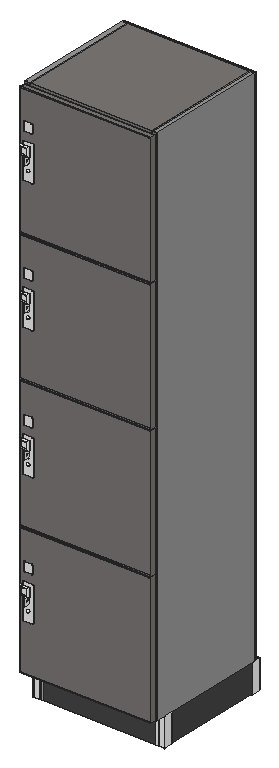
Revit family "Wood_Lockers_Hasps-Salsbury_Industries-18_44000_Series-1_Wide_Units.rfa", category Specialty Equipment, Revit 2016 (continued)
Definition of nested family "Wood Locker Side Panels-No Slope"
  Dimensions and locks (in)
    plane 5 "Front" to plane 1 "Center (Front/Back)" to plane 4 "Back" = 0.375", 0.375"
    "Width": plane 6 "Left Side" to plane 7 "Right Side"
    "Depth": plane 5 "Front" to plane 4 "Back"
    equal spacing: plane 9 "Top", plane 10 "Center Elevation", plane 8 "Bottom"
    "Height": plane 9 "Top" to plane 8 "Bottom"
    locked: plane 5 "Front" to plane 11 "Wood - Laminate Edge" at 0.031
    locked: plane 15 "Bottom of Wood" to plane 8 "Bottom" at 0.031
    locked: plane 12 "Right Side of Wood" to plane 7 "Right Side" at 0.031
    locked: plane 6 "Left Side" to plane 13 "Left Side of Wood" at 0.031
    locked: plane 9 "Top" to plane 14 "Top of Wood" at 0.031
    aligned and locked: level to plane 2
    aligned and locked: Extrusion 2 sketch curve to plane 7 "Right Side"
    aligned and locked: plane 8 "Bottom" to Extrusion 2 sketch curve
    aligned and locked: plane 6 "Left Side" to Extrusion 2 sketch curve
    aligned and locked: plane 9 "Top" to Extrusion 2 sketch curve
    aligned and locked: Extrusion 3 to plane 4 "Back"
    aligned and locked: plane 11 "Wood - Laminate Edge" to Extrusion 3
  Automatic sketch dimensions
    plane 13 "Left Side of Wood" to Extrusion 1 sketch curve = 0.000"
    plane 12 "Right Side of Wood" to Extrusion 1 sketch curve = 0.000"
    Extrusion 1 sketch curve to plane 15 "Bottom of Wood" = 0.000"
    Extrusion 1 sketch curve to plane 14 "Top of Wood" = 0.000"
    plane 13 "Left Side of Wood" to Extrusion 3 sketch curve = 0.000"
    Extrusion 3 sketch curve to level = 0.000"
    plane 13 "Left Side of Wood" to Extrusion 3 sketch curve = 0.031"
    plane 12 "Right Side of Wood" to Extrusion 3 sketch curve = 0.000"
    plane 7 "Right Side" to Extrusion 3 sketch curve = 0.000"
    Extrusion 3 sketch curve to plane 15 "Bottom of Wood" = 0.000"
    Extrusion 3 sketch curve to plane 14 "Top of Wood" = 0.000"
    Extrusion 3 sketch curve to plane 9 "Top" = 0.000"
Definition of nested family "Wood Locker Side Panels-With Slope"
  Parameters (values of type "44238 - 6' H for 24" D Lockers")
    Width = 23.625"
    Visible = yes
    Version = "1.0 (12/15/23)"
    Type Comments = "Side Panel for Premier Wood Lockers with Sloping Hood"
    Slope Height = 8.608"
    Model = "44238"
    Manufacturer = "Salsbury Industries"
    Laminate Surface = none
    Height = 72.153"
    Door Trim = none
    Description = "6' H for 24\" D Lockers"
    Depth = 0.750"
  Types (6): name | Width | Visible | Version | Type Comments | Slope Height | Model | Manufacturer | Height | Description
    (no name) | 23.625" | yes | "1.0 (12/15/23)" | "Side Panel for Premier Wood Lockers with Sloping Hood" | 8.608" | "44238" | "Salsbury Industries" | 72.153" | "6' H for 24\" D Lockers"
    44334 - 6' H  for 18" D Lockers | 17.625" | yes | "1.0 (12/15/23)" | "Side Panel for Premier Wood Lockers with Sloping Hood" | 6.806" | "44334" | "Salsbury Industries" | 72.062" | "6' H for 18\" D Lockers"
    44336 - 6' H for 21" D Lockers | 20.625" | yes | "1.0 (12/15/23)" | "Side Panel for Premier Wood Lockers with Sloping Hood" | 7.931" | "44336" | "Salsbury Industries" | 72.062" | "6' H for 21\" D Lockers"
    None | 14.625" | no | "" | "" | 5.681" | "" | "" | 72.062" | ""
    44339 - 6' H for 15" D Lockers | 14.625" | yes | "1.0 (12/15/23)" | "Side Panel for Premier Wood Lockers with Sloping Hood" | 5.681" | "44339" | "Salsbury Industries" | 72.062" | "6' H for 15\" D Lockers"
    44238 - 6' H for 24" D Lockers | 23.625" | yes | "1.0 (12/15/23)" | "Side Panel for Premier Wood Lockers with Sloping Hood" | 8.608" | "44238" | "Salsbury Industries" | 72.153" | "6' H for 24\" D Lockers"
  Reference planes (in)
    plane 1 "Center (Front/Back)": y = 0
    plane 2: z = 0
    plane 3 "Center (Left/Right)": x = 0
    plane 4 "Back": y = 0.375
    plane 5 "Front": y = -0.375
    plane 6 "Left Side": x = -11.8125
    plane 7 "Right Side": x = 11.8125
    plane 8 "Bottom": z = 0
    plane 9 "Top": z = 72.153
    plane 10 "Center Elevation": z = 36.0765
    plane 11 "Wood - Laminate Edge": y = -0.344
    plane 12 "Right Side of Wood": x = 11.7815
    plane 13 "Left Side of Wood": x = -11.7815
    plane 14 "Top of Wood": z = 72.028
    plane 15 "Bottom of Wood": z = 0.031
    plane 16: z = 80.761
    plane 17: z = 80.636
  Forms (in)
    Extrusion 1, solid, visible <- "Visible"
      sketch origin (0, 0.375, 0) x (1, 0, 0) y (0, 0, 1)
        loop
          line (-11.8125, 80.73) -> (-11.8125, 0) -> (11.7815, 0) -> (11.7815, 72.13387) -> (-11.8125, 80.73)
      from 0 to 0.719
    Extrusion 2, solid, material <- "Laminate Surface", visible <- "Visible"
      sketch origin (0, -0.375, 0) x (1, 0, 0) y (0, 0, 1)
        loop
          line (-11.8125, 0) -> (11.8125, 0) -> (11.8125, 72.153) -> (-11.8125, 80.761) -> (-11.8125, 0)
      from -0.031 to 0
    Extrusion 3, solid, material <- "Laminate Surface", visible <- "Visible"
      sketch origin (0, -0.375, 0) x (1, 0, 0) y (0, 0, 1)
        loop
          line (11.8125, 0) -> (11.8125, 72.153) -> (-11.8125, 80.761) -> (-11.8125, 80.73) -> (11.7815, 72.13387) -> (11.7815, 0) -> (11.8125, 0)
      from -0.031 to -0.75
  Dimensions and locks (in)
    equal spacing: plane 6 "Left Side", plane 3 "Center (Left/Right)", plane 7 "Right Side"
    plane 5 "Front" to plane 1 "Center (Front/Back)" to plane 4 "Back" = 0.375", 0.375"
    "Width": plane 6 "Left Side" to plane 7 "Right Side"
    "Depth": plane 5 "Front" to plane 4 "Back"
    equal spacing: plane 9 "Top", plane 10 "Center Elevation", plane 8 "Bottom"
    "Height": plane 9 "Top" to plane 8 "Bottom"
    locked: plane 5 "Front" to plane 11 "Wood - Laminate Edge" at 0.031
    locked: plane 15 "Bottom of Wood" to plane 8 "Bottom" at 0.031
    locked: plane 12 "Right Side of Wood" to plane 7 "Right Side" at 0.031
    locked: plane 6 "Left Side" to plane 13 "Left Side of Wood" at 0.031
    locked: plane 9 "Top" to plane 14 "Top of Wood" at 0.125
    "Slope Height": plane 16 to plane 9 "Top"
    locked: plane 16 to plane 17 at 0.125
    aligned and locked: level to plane 2
    aligned and locked: Extrusion 3 to plane 4 "Back"
    aligned and locked: plane 11 "Wood - Laminate Edge" to Extrusion 3
  Automatic sketch dimensions
    plane 6 "Left Side" to Extrusion 2 sketch curve = 0.000"
    plane 7 "Right Side" to Extrusion 2 sketch curve = 0.000"
    Extrusion 2 sketch curve to level = 0.000"
    Extrusion 2 sketch curve to plane 9 "Top" = 0.000"
    Extrusion 2 sketch curve to plane 16 = 0.000"
    Extrusion 1 sketch curve to level = 0.000"
    plane 6 "Left Side" to Extrusion 1 sketch curve = 0.000"
    plane 12 "Right Side of Wood" to Extrusion 1 sketch curve = 0.000"
    plane 9 "Top" to Extrusion 1 sketch curve = 0.01913"
    plane 6 "Left Side" to Extrusion 3 sketch curve = 0.000"
    plane 12 "Right Side of Wood" to Extrusion 3 sketch curve = 0.000"
    plane 7 "Right Side" to Extrusion 3 sketch curve = 0.000"
    Extrusion 3 sketch curve to level = 0.000"
    Extrusion 3 sketch curve to plane 9 "Top" = 0.000"
    Extrusion 3 sketch curve to plane 16 = 0.000"
    plane 9 "Top" to Extrusion 3 sketch curve = 0.01913"
    plane 16 to Extrusion 3 sketch curve = 0.031"
    plane 16 to Extrusion 1 sketch curve = 0.031"
Definition of nested family "Wood Locker Double Side Panels-No Slope"
  Parameters (values of type "44237DE - 6' H for 24"D Lockers")
    Width = 47.250"
    Visible = yes
    Version = "1.0 (12/15/23)"
    Type Comments = "Double End Panel for Premier Wood Lockers"
    Model = "44237DE"
    Manufacturer = "Salsbury Industries"
    Laminate Surface = none
    Height = 72.000"
    Door Trim = none
    Description = "For 6' H x 21\" D without Sloping Hood"
    Depth = 0.750"
  Types (6): name | Width | Visible | Version | Type Comments | Model | Manufacturer | Description
    (no name) | 47.250" | yes | "1.0 (12/15/23)" | "Double End Panel for Premier Wood Lockers" | "44237DE" | "Salsbury Industries" | "For 6' H x 21\" D without Sloping Hood"
    44330DE - 6' H for 15"D Lockers | 29.250" | yes | "1.0 (12/15/23)" | "Double End Panel for Premier Wood Lockers" | "44330DE" | "Salsbury Industries" | "For 6' H x 15\" D without Sloping Hood"
    44333DE - 6' H for 18" D Lockers | 35.250" | yes | "1.0 (12/15/23)" | "Double End Panel for Premier Wood Lockers" | "44333DE" | "Salsbury Industries" | "For 6' H x 18\" D without Sloping Hood"
    44335DE - 6' H for 21" D Lockers | 41.250" | yes | "1.0 (12/15/23)" | "Double End Panel for Premier Wood Lockers" | "44335DE" | "Salsbury Industries" | "For 6' H x 21\" D without Sloping Hood"
    None | 14.000" | no | "" | "" | "" | "" | ""
    44237DE - 6' H for 24"D Lockers | 47.250" | yes | "1.0 (12/15/23)" | "Double End Panel for Premier Wood Lockers" | "44237DE" | "Salsbury Industries" | "For 6' H x 21\" D without Sloping Hood"
  Reference planes (in)
    plane 1 "Center (Front/Back)": y = 0
    plane 2: z = 0
    plane 3 "Center (Left/Right)": x = 0
    plane 4 "Back": y = 0.375
    plane 5 "Front": y = -0.375
    plane 6 "Left Side": x = -23.625
    plane 7 "Right Side": x = 23.625
    plane 8 "Bottom": z = 0
    plane 9 "Top": z = 72
    plane 10 "Center Elevation": z = 36
    plane 11 "Wood - Laminate Edge": y = -0.344
    plane 12 "Right Side of Wood": x = 23.594
    plane 13 "Left Side of Wood": x = -23.594
    plane 14 "Top of Wood": z = 71.969
    plane 15 "Bottom of Wood": z = 0.031
  Forms (in)
    Extrusion 1, solid, visible <- "Visible"
      sketch origin (0, 0.375, 0) x (1, 0, 0) y (0, 0, 1)
        loop
          line (23.594, 71.969) -> (-23.594, 71.969) -> (-23.594, 0.031) -> (23.594, 0.031) -> (23.594, 71.969)
      from 0 to 0.719
    Extrusion 2, solid, material <- "Laminate Surface", visible <- "Visible"
      sketch origin (0, -0.375, 0) x (1, 0, 0) y (0, 0, 1)
        loop
          line (-23.625, 72) -> (-23.625, 0) -> (23.625, 0) -> (23.625, 72) -> (-23.625, 72)
      from -0.031 to 0
    Extrusion 3, solid, material <- "Laminate Surface", visible <- "Visible"
      sketch origin (0, 0, 0) x (1, 0, 0) y (0, 0, 1)
        loop
          line (-23.625, 0) -> (23.625, 0) -> (23.625, 72) -> (-23.625, 72) -> (-23.625, 0)
        loop
          line (23.594, 71.969) -> (-23.594, 71.969) -> (-23.594, 0.031) -> (23.594, 0.031) -> (23.594, 71.969)
      from -0.375 to 0.344
  Dimensions and locks (in)
    equal spacing: plane 6 "Left Side", plane 3 "Center (Left/Right)", plane 7 "Right Side"
    plane 5 "Front" to plane 1 "Center (Front/Back)" to plane 4 "Back" = 0.375", 0.375"
    "Width": plane 6 "Left Side" to plane 7 "Right Side"
    "Depth": plane 5 "Front" to plane 4 "Back"
    equal spacing: plane 9 "Top", plane 10 "Center Elevation", plane 8 "Bottom"
    "Height": plane 9 "Top" to plane 8 "Bottom"
    locked: plane 5 "Front" to plane 11 "Wood - Laminate Edge" at 0.031
    locked: plane 15 "Bottom of Wood" to plane 8 "Bottom" at 0.031
    plane 12 "Right Side of Wood" to plane 7 "Right Side" = 0.031"
    locked: plane 6 "Left Side" to plane 13 "Left Side of Wood" at 0.031
    locked: plane 9 "Top" to plane 14 "Top of Wood" at 0.031
    aligned and locked: level to plane 2
    aligned and locked: Extrusion 2 sketch curve to plane 8 "Bottom"
    aligned and locked: plane 6 "Left Side" to Extrusion 2 sketch curve
    aligned and locked: Extrusion 2 sketch curve to plane 7 "Right Side"
    aligned and locked: Extrusion 2 sketch curve to plane 9 "Top"
    aligned and locked: Extrusion 3 to plane 4 "Back"
    aligned and locked: plane 11 "Wood - Laminate Edge" to Extrusion 3
  Automatic sketch dimensions
    plane 13 "Left Side of Wood" to Extrusion 1 sketch curve = 0.000"
    plane 12 "Right Side of Wood" to Extrusion 1 sketch curve = 0.000"
    Extrusion 1 sketch curve to plane 15 "Bottom of Wood" = 0.000"
    Extrusion 1 sketch curve to plane 14 "Top of Wood" = 0.000"
    Extrusion 3 sketch curve to level = 0.000"
    plane 6 "Left Side" to Extrusion 3 sketch curve = 0.000"
    plane 7 "Right Side" to Extrusion 3 sketch curve = 0.000"
    Extrusion 3 sketch curve to plane 9 "Top" = 0.000"
    plane 13 "Left Side of Wood" to Extrusion 3 sketch curve = 0.000"
    Extrusion 3 sketch curve to plane 15 "Bottom of Wood" = 0.000"
    Extrusion 3 sketch curve to plane 14 "Top of Wood" = 0.000"
    plane 12 "Right Side of Wood" to Extrusion 3 sketch curve = 0.000"
Definition of nested family "Wood Locker Double Side Panels-With Slope"
  Parameters (values of type "44238DE - 6' H for 24"D Lockers")
    Width = 47.250"
    Visible = yes
    Version = "1.0 (12/15/23)"
    Type Comments = "Double End Panel for Premier Wood Lockers"
    Slope Height = 8.895"
    Model = "442386DE"
    Manufacturer = "Salsbury Industries"
    Laminate Surface = none
    Height = 72.153"
    Door Trim = none
    Description = "For 6' H x 21\" D Lockers with Sloping Hood"
    Depth = 0.750"
  Types (6): name | Width | Visible | Version | Type Comments | Slope Height | Model | Manufacturer | Height | Description
    (no name) | 47.250" | yes | "1.0 (12/15/23)" | "Double End Panel for Premier Wood Lockers" | 8.895" | "442386DE" | "Salsbury Industries" | 72.153" | "For 6' H x 21\" D Lockers with Sloping Hood"
    44339DE - 6' H for 15"D Lockers | 29.250" | yes | "1.0 (12/15/23)" | "Double End Panel for Premier Wood Lockers" | 5.681" | "44339DE" | "Salsbury Industries" | 72.062" | "For 6' H x 15\" D Lockers with Sloping Hood"
    44334DE - 6' H  for 18" D Lockers | 35.250" | yes | "1.0 (12/15/23)" | "Double End Panel for Premier Wood Lockers" | 6.806" | "44334DE" | "Salsbury Industries" | 72.062" | "For 6' H x 18\" D Lockers with Sloping Hood"
    44336DE - 6' H for 21" D Lockers | 41.250" | yes | "1.0 (12/15/23)" | "Double End Panel for Premier Wood Lockers" | 7.931" | "44336DE" | "Salsbury Industries" | 72.062" | "For 6' H x 21\" D Lockers with Sloping Hood"
    None | 14.000" | no | "" | "" | 5.500" | "" | "" | 72.000" | ""
    44238DE - 6' H for 24"D Lockers | 47.250" | yes | "1.0 (12/15/23)" | "Double End Panel for Premier Wood Lockers" | 8.895" | "442386DE" | "Salsbury Industries" | 72.153" | "For 6' H x 21\" D Lockers with Sloping Hood"
  Reference planes (in)
    plane 1 "Center (Front/Back)": y = 0
    plane 2: z = 0
    plane 3 "Center (Left/Right)": x = 0
    plane 4 "Back": y = 0.375
    plane 5 "Front": y = -0.375
    plane 6 "Left Side": x = -23.625
    plane 7 "Right Side": x = 23.625
    plane 8 "Bottom": z = 0
    plane 9 "Top": z = 72.153
    plane 10 "Center Elevation": z = 36.0765
    plane 11 "Wood - Laminate Edge": y = -0.344
    plane 12 "Right Side of Wood": x = 23.594
    plane 13 "Left Side of Wood": x = -23.594
    plane 14 "Top of Wood": z = 72.028
    plane 15 "Bottom of Wood": z = 0.125
    plane 16: z = 81.048
    plane 17: z = 81.017
  Forms (in)
    Extrusion 1, solid, visible <- "Visible"
      sketch origin (0, 0.375, 0) x (1, 0, 0) y (0, 0, 1)
        loop
          line (23.594, 72.122) -> (0, 81.017) -> (-23.594, 72.122) -> (-23.594, 0) -> (23.594, 0) -> (23.594, 72.122)
      from 0 to 0.719
    Extrusion 2, solid, material <- "Laminate Surface", visible <- "Visible"
      sketch origin (0, -0.375, 0) x (1, 0, 0) y (0, 0, 1)
        loop
          line (23.625, 0) -> (23.625, 72.153) -> (0, 81.048) -> (-23.625, 72.153) -> (-23.625, 0) -> (23.625, 0)
      from -0.031 to 0
    Extrusion 3, solid, material <- "Laminate Surface", visible <- "Visible"
      sketch origin (0, 0.375, 0) x (1, 0, 0) y (0, 0, 1)
        loop
          line (23.625, 0) -> (23.625, 72.153) -> (0, 81.048) -> (-23.625, 72.153) -> (-23.625, 0) -> (-23.594, 0) -> (-23.594, 72.122) -> (0, 81.017) -> (23.594, 72.122) -> (23.594, 0) -> (23.625, 0)
      from 0 to 0.719
  Dimensions and locks (in)
    equal spacing: plane 6 "Left Side", plane 3 "Center (Left/Right)", plane 7 "Right Side"
    plane 5 "Front" to plane 1 "Center (Front/Back)" to plane 4 "Back" = 0.375", 0.375"
    "Width": plane 6 "Left Side" to plane 7 "Right Side"
    "Depth": plane 5 "Front" to plane 4 "Back"
    equal spacing: plane 9 "Top", plane 10 "Center Elevation", plane 8 "Bottom"
    "Height": plane 9 "Top" to plane 8 "Bottom"
    locked: plane 5 "Front" to plane 11 "Wood - Laminate Edge" at 0.031
    locked: plane 15 "Bottom of Wood" to plane 8 "Bottom" at 0.125
    locked: plane 12 "Right Side of Wood" to plane 7 "Right Side" at 0.031
    locked: plane 6 "Left Side" to plane 13 "Left Side of Wood" at 0.031
    locked: plane 9 "Top" to plane 14 "Top of Wood" at 0.125
    "Slope Height": plane 16 to plane 9 "Top"
    locked: plane 16 to plane 17 at 0.031
    aligned and locked: level to plane 2
    aligned and locked: Extrusion 3 to plane 4 "Back"
    aligned and locked: plane 11 "Wood - Laminate Edge" to Extrusion 3
  Automatic sketch dimensions
    plane 6 "Left Side" to Extrusion 2 sketch curve = 0.000"
    Extrusion 2 sketch curve to plane 3 "Center (Left/Right)" = 0.000"
    plane 7 "Right Side" to Extrusion 2 sketch curve = 0.000"
    Extrusion 2 sketch curve to level = 0.000"
    Extrusion 2 sketch curve to plane 9 "Top" = 0.000"  (x2)
    Extrusion 2 sketch curve to plane 16 = 0.000"
    Extrusion 1 sketch curve to level = 0.000"
    plane 13 "Left Side of Wood" to Extrusion 1 sketch curve = 0.000"
    Extrusion 1 sketch curve to plane 3 "Center (Left/Right)" = 0.000"
    plane 12 "Right Side of Wood" to Extrusion 1 sketch curve = 0.000"
    Extrusion 1 sketch curve to plane 17 = 0.000"
    plane 9 "Top" to Extrusion 1 sketch curve = 0.031"  (x2)
    Extrusion 3 sketch curve to level = 0.000"  (x2)
    plane 6 "Left Side" to Extrusion 3 sketch curve = 0.000"
    plane 13 "Left Side of Wood" to Extrusion 3 sketch curve = 0.000"
    Extrusion 3 sketch curve to plane 3 "Center (Left/Right)" = 0.000"  (x2)
    plane 12 "Right Side of Wood" to Extrusion 3 sketch curve = 0.000"
    plane 7 "Right Side" to Extrusion 3 sketch curve = 0.000"
    Extrusion 3 sketch curve to plane 9 "Top" = 0.000"  (x2)
    plane 9 "Top" to Extrusion 3 sketch curve = 0.031"  (x2)
    Extrusion 3 sketch curve to plane 17 = 0.000"
    Extrusion 3 sketch curve to plane 16 = 0.000"
Definition of nested family "Wood Locker Front Fillers"
  Parameters (values of type "44469 - 9" W for 6' H Lockers without Base")
    Width = 9.000"
    Visible Base = no
    Visible = yes
    Version = "1.0 (1/31/24)"
    Type Comments = "Front Vertical Filler for Premier Wood Lockers"
    Model = "44469"
    Manufacturer = "Salsbury Industries"
    Laminate Surface = none
    Height = 72.000"
    Description = "For 6' H Lockers"
    Depth = 0.750"
    Base Height = 0.000"
  Types (6): name | Width | Visible Base | Visible | Version | Type Comments | Model | Manufacturer | Description | Base Height
    (no name) | 9.000" | no | yes | "1.0 (1/31/24)" | "Front Vertical Filler for Premier Wood Lockers" | "44469" | "Salsbury Industries" | "For 6' H Lockers" | 0.000"
    44467 - 15"W for 6' H Lockers with Base | 15.000" | yes | yes | "1.0 (01/31/24)" | "Front Vertical Filler for Premier Wood Lockers" | "444367" | "Salsbury Industries" | "For 6' H Lockers" | 4.000"
    None | 15.000" | no | no | "" | "" | "" | "" | "" | 4.000"
    44469 - 9" W for 6' H Lockers with Base | 9.000" | yes | yes | "1.0 (01/31/24)" | "Front Vertical Filler for Premier Wood Lockers" | "44469" | "Salsbury Industries" | "For 6' H Lockers" | 4.000"
    44467 - 15" W for 6'H Lockers without Base | 15.000" | no | yes | "1.0 (01/31/24)" | "Front Vertical Filler for Premier Wood Lockers" | "44467" | "Salsbury Industries" | "For 6' H Lockers" | 0.000"
    44469 - 9" W for 6' H Lockers without Base | 9.000" | no | yes | "1.0 (1/31/24)" | "Front Vertical Filler for Premier Wood Lockers" | "44469" | "Salsbury Industries" | "For 6' H Lockers" | 0.000"
  Reference planes (in)
    plane 1 "Center (Front/Back)": y = 0
    plane 2: z = 0
    plane 3 "Center (Left/Right)": x = 0
    plane 4 "Back": y = 0.375
    plane 5 "Front": y = -0.375
    plane 6 "Left Side": x = -4.5
    plane 7 "Right Side": x = 4.5
    plane 8 "Bottom": z = 0
    plane 9 "Top": z = 72
    plane 10 "Center Elevation": z = 36
    plane 11 "Wood - Laminate Edge": y = -0.344
    plane 12 "Right Side of Wood": x = 4.375
    plane 13 "Left Side of Wood": x = -4.375
    plane 14 "Top of Wood": z = 71.875
    plane 15 "Bottom of Wood": z = 0.125
    plane 16 "Front of Base Filler": y = 1
  Forms (in)
    Extrusion 1, solid, visible <- "Visible"
      sketch origin (0, 0.375, 0) x (1, 0, 0) y (0, 0, 1)
        loop
          line (4.5, 72) -> (-4.5, 72) -> (-4.5, 0) -> (4.5, 0) -> (4.5, 72)
      from 0 to 0.719
    Extrusion 2, solid, material <- "Laminate Surface", visible <- "Visible"
      sketch origin (0, -0.375, 0) x (1, 0, 0) y (0, 0, 1)
        loop
          line (-4.5, 72) -> (-4.5, 0) -> (4.5, 0) -> (4.5, 72) -> (-4.5, 72)
      from -0.031 to 0
    Extrusion 3, solid, visible <- "Visible Base"
      sketch origin (0, 0, 0) x (1, 0, 0) y (0, 1, 0)
        loop
          line (-4.5, 1.75) -> (-4.5, 0.375) -> (4.5, 0.375) -> (4.5, 1.75) -> (-4.5, 1.75)
      from 0 to 0.75
    Extrusion 4, solid, visible <- "Visible Base"
      sketch origin (0, 0, 0) x (1, 0, 0) y (0, 1, 0)
        loop
          line (-4.5, 1.75) -> (-4.5, 1) -> (4.5, 1) -> (4.5, 1.75) -> (-4.5, 1.75)
      from 0 to -4
  Dimensions and locks (in)
    equal spacing: plane 6 "Left Side", plane 3 "Center (Left/Right)", plane 7 "Right Side"
    plane 5 "Front" to plane 1 "Center (Front/Back)" to plane 4 "Back" = 0.375", 0.375"
    "Width": plane 6 "Left Side" to plane 7 "Right Side"
    "Depth": plane 5 "Front" to plane 4 "Back"
    equal spacing: plane 9 "Top", plane 10 "Center Elevation", plane 8 "Bottom"
    locked: plane 5 "Front" to plane 11 "Wood - Laminate Edge" at 0.031
    locked: plane 15 "Bottom of Wood" to plane 8 "Bottom" at 0.125
    locked: plane 12 "Right Side of Wood" to plane 7 "Right Side" at 0.125
    locked: plane 6 "Left Side" to plane 13 "Left Side of Wood" at 0.125
    locked: plane 9 "Top" to plane 14 "Top of Wood" at 0.125
    locked: plane 5 "Front" to plane 16 "Front of Base Filler" at 1.375
    "Base Height": plane 8 "Bottom" to plane 2
    "Height": plane 9 "Top" to plane 8 "Bottom"
    aligned and locked: level to plane 2
    aligned and locked: plane 8 "Bottom" to Extrusion 1
  Automatic sketch dimensions
    plane 6 "Left Side" to Extrusion 1 sketch curve = 0.000"
    plane 7 "Right Side" to Extrusion 1 sketch curve = 0.000"
    level to Extrusion 1 sketch curve = 0.000"
    Extrusion 1 sketch curve to plane 9 "Top" = 0.000"
    plane 6 "Left Side" to Extrusion 2 sketch curve = 0.000"
    plane 7 "Right Side" to Extrusion 2 sketch curve = 0.000"
    plane 15 "Bottom of Wood" to Extrusion 2 sketch curve = 0.125"
    Extrusion 2 sketch curve to plane 9 "Top" = 0.000"
    plane 4 "Back" to Extrusion 3 sketch curve = 0.000"
    Extrusion 3 sketch curve to plane 6 "Left Side" = 0.000"
    Extrusion 3 sketch curve to plane 7 "Right Side" = 0.000"
    Extrusion 3 sketch curve to plane 16 "Front of Base Filler" = 0.750"
    Extrusion 4 sketch curve to plane 6 "Left Side" = 0.000"
    Extrusion 4 sketch curve to plane 7 "Right Side" = 0.000"
    plane 16 "Front of Base Filler" to Extrusion 4 sketch curve = 0.000"
    Extrusion 4 sketch curve to plane 16 "Front of Base Filler" = 0.750"
Definition of nested family "Wood Locker Front Corner Filler"
  Parameters (values of type "44464 - for 6' H Lockers with Base")
    Width = 2.250"
    Visible Base = yes
    Visible = yes
    Version = "1.0 (12/15/23)"
    Type Comments = "Front Vertical Corner Filler for Designer Wood Lockers"
    Primary Structure Materials = none
    Model = "44464"
    Manufacturer = "Salsbury Industries"
    Laminate Surface = none
    Height = 72.000"
    Description = "For 6' H Lockers"
    Depth = 0.750"
    Base Primary Materials = none
    Base Height = 4.000"
  Types (3): name | Visible Base | Visible | Version | Type Comments | Model | Manufacturer | Description | Base Height
    None | no | no | "" | "" | "" | "" | "" | 4.000"
    44464 - for 6'H Lockers without Base | no | yes | "1.0 (12/15/23)" | "Front Vertical Corner Filler for Designer Wood Lockers" | "44464" | "Salsbury Industries" | "For 6' H Lockers" | 0.000"
    44464 - for 6' H Lockers with Base | yes | yes | "1.0 (12/15/23)" | "Front Vertical Corner Filler for Designer Wood Lockers" | "44464" | "Salsbury Industries" | "For 6' H Lockers" | 4.000"
  Reference planes (in)
    plane 1 "Center (Front/Back)": y = 0
    plane 2 "Bottom of Base": z = 0
    plane 3 "Center (Left/Right)": x = 0
    plane 4 "Back": y = 0.375
    plane 5 "Front": y = -0.375
    plane 6 "Left Side": x = -1.125
    plane 7 "Right Side": x = 1.125
    plane 8 "Bottom": z = 4
    plane 9 "Top": z = 76
    plane 10 "Center Elevation": z = 40
    plane 11 "Wood - Laminate Edge": y = -0.344
    plane 12 "Right Side of Wood": x = 1
    plane 13 "Left Side of Wood": x = -1
    plane 14 "Top of Wood": z = 75.875
    plane 15 "Bottom of Wood": z = 4.125
    plane 16 "Front of Base Filler": y = 1
  Forms (in)
    Extrusion 1, solid, material <- "Primary Structure Materials", visible <- "Visible"
      sketch origin (0, 0.375, 0) x (1, 0, 0) y (0, 0, 1)
        loop
          line (1.125, 76) -> (-1.156, 76) -> (-1.156, 4) -> (1.125, 4) -> (1.125, 76)
      from 0 to 0.719
    Extrusion 2, solid, material <- "Laminate Surface", visible <- "Visible"
      sketch origin (0, -0.375, 0) x (1, 0, 0) y (0, 0, 1)
        loop
          line (-1.125, 76) -> (-1.125, 4) -> (1.125, 4) -> (1.125, 76) -> (-1.125, 76)
      from -0.031 to 0
    Extrusion 3, solid, material <- "Primary Structure Materials", visible <- "Visible"
      sketch origin (-1.875, -1.5, 0) x (0, 1, 0) y (0, 0, 1)
        loop
          line (1.875, 76) -> (-1.125, 76) -> (-1.125, 4) -> (1.875, 4) -> (1.875, 76)
      from 0 to 0.719
    Extrusion 4, solid, material <- "Laminate Surface", visible <- "Visible"
      sketch origin (-1.125, -1.5, 0) x (0, 1, 0) y (0, 0, 1)
        loop
          line (-1.125, 76) -> (-1.125, 4) -> (1.156, 4) -> (1.156, 76) -> (-1.125, 76)
      from -0.031 to 0
    Extrusion 5, solid, material <- "Base Primary Materials", visible <- "Visible Base"
      sketch origin (0, 0, 0) x (1, 0, 0) y (0, 1, 0)
        loop
          line (-3.25, 1.75) -> (-3.25, -2.625) -> (-1.875, -2.625) -> (-1.875, 1.75) -> (-3.25, 1.75)
      from 4 to 4.75
    Extrusion 6, solid, material <- "Base Primary Materials", visible <- "Visible Base"
      sketch origin (0, 0, 0) x (1, 0, 0) y (0, 1, 0)
        loop
          line (-1.875, 1.75) -> (-1.875, 0.375) -> (1.125, 0.375) -> (1.125, 1.75) -> (-1.875, 1.75)
      from 4 to 4.75
    Extrusion 7, solid, material <- "Base Primary Materials", visible <- "Visible Base"
      sketch origin (0, 0, 0) x (1, 0, 0) y (0, 1, 0)
        loop
          line (1.125, 1.75) -> (-2.43407, 1.75) -> (-2.43407, 1) -> (1.125, 1) -> (1.125, 1.75)
      from 0 to 4
    Extrusion 8, solid, material <- "Base Primary Materials", visible <- "Visible Base"
      sketch origin (0, 0, 0) x (1, 0, 0) y (0, 1, 0)
        loop
          line (-3.25, 1.75) -> (-3.25, -2.625) -> (-2.43407, -2.625) -> (-2.43407, 1.75) -> (-3.25, 1.75)
      from 0 to 4
  Dimensions and locks (in)
    equal spacing: plane 6 "Left Side", plane 3 "Center (Left/Right)", plane 7 "Right Side"
    plane 5 "Front" to plane 1 "Center (Front/Back)" to plane 4 "Back" = 0.375", 0.375"
    "Width": plane 6 "Left Side" to plane 7 "Right Side"
    "Depth": plane 5 "Front" to plane 4 "Back"
    equal spacing: plane 9 "Top", plane 10 "Center Elevation", plane 8 "Bottom"
    "Height": plane 9 "Top" to plane 8 "Bottom"
    locked: plane 5 "Front" to plane 11 "Wood - Laminate Edge" at 0.031
    locked: plane 15 "Bottom of Wood" to plane 8 "Bottom" at 0.125
    locked: plane 12 "Right Side of Wood" to plane 7 "Right Side" at 0.125
    locked: plane 6 "Left Side" to plane 13 "Left Side of Wood" at 0.125
    locked: plane 9 "Top" to plane 14 "Top of Wood" at 0.125
    locked: plane 5 "Front" to plane 16 "Front of Base Filler" at 1.375
    "Base Height": plane 8 "Bottom" to plane 2 "Bottom of Base"
    aligned and locked: level to plane 2 "Bottom of Base"
    aligned and locked: plane 8 "Bottom" to Extrusion 1
    aligned and locked: Extrusion 7 to Extrusion 5
    aligned and locked: Extrusion 8 to Extrusion 5
    aligned and locked: Extrusion 7 to Extrusion 8
  Automatic sketch dimensions
    Extrusion 1 sketch curve to plane 9 "Top" = 0.000"
    Extrusion 1 sketch curve to plane 8 "Bottom" = 0.000"
    plane 7 "Right Side" to Extrusion 1 sketch curve = 0.000"
    plane 6 "Left Side" to Extrusion 1 sketch curve = 0.031"
    plane 6 "Left Side" to Extrusion 2 sketch curve = 0.000"
    plane 7 "Right Side" to Extrusion 2 sketch curve = 0.000"
    Extrusion 2 sketch curve to plane 8 "Bottom" = 0.000"
    Extrusion 2 sketch curve to plane 9 "Top" = 0.000"
    plane 9 "Top" to Extrusion 3 sketch curve = 0.000"
    plane 8 "Bottom" to Extrusion 3 sketch curve = 0.000"
    Extrusion 3 sketch curve to plane 4 "Back" = 0.000"
    plane 5 "Front" to Extrusion 3 sketch curve = 2.250"
    plane 8 "Bottom" to Extrusion 4 sketch curve = 0.000"
    plane 9 "Top" to Extrusion 4 sketch curve = 0.000"
    Extrusion 4 sketch curve to plane 11 "Wood - Laminate Edge" = 0.000"
    plane 5 "Front" to Extrusion 4 sketch curve = 2.250"
    plane 6 "Left Side" to Extrusion 5 sketch curve = 2.125"
    plane 6 "Left Side" to Extrusion 5 sketch curve = 0.750"
    plane 5 "Front" to Extrusion 5 sketch curve = 2.250"
    Extrusion 5 sketch curve to plane 16 "Front of Base Filler" = 0.750"
    plane 16 "Front of Base Filler" to Extrusion 7 sketch curve = 0.000"
    Extrusion 7 sketch curve to plane 7 "Right Side" = 0.000"
    plane 6 "Left Side" to Extrusion 7 sketch curve = 1.30907"
    Extrusion 7 sketch curve to plane 16 "Front of Base Filler" = 0.750"
    plane 6 "Left Side" to Extrusion 8 sketch curve = 2.125"
    Extrusion 8 sketch curve to Extrusion 8 sketch curve = 0.81593"
    plane 5 "Front" to Extrusion 8 sketch curve = 2.250"
    Extrusion 8 sketch curve to plane 16 "Front of Base Filler" = 0.750"
    plane 4 "Back" to Extrusion 6 sketch curve = 0.000"
    Extrusion 6 sketch curve to plane 7 "Right Side" = 0.000"
    plane 6 "Left Side" to Extrusion 6 sketch curve = 0.750"
    Extrusion 6 sketch curve to plane 16 "Front of Base Filler" = 0.750"
Definition of nested family "Wood Locker Sloping In-Line Fillers"
  Parameters (values of type "44489 - 15" W for 24" D Lockers")
    Width = 15.000"
    Visible = yes
    Version = "1.0 (12/15/23)"
    Type Comments = "Sloping Hood In-Line Filler for Premier Wood Lockers"
    Model = "44489"
    Manufacturer = "Salsbury Industries"
    Laminate Surface = none
    Height = 9.118"
    Description = "For 24\" D Lockers"
    Depth = 23.625"
  Types (10): name | Width | Visible | Version | Type Comments | Model | Manufacturer | Height | Description | Depth
    (no name) | 15.000" | yes | "1.0 (12/15/23)" | "Sloping Hood In-Line Filler for Premier Wood Lockers" | "44489" | "Salsbury Industries" | 9.118" | "For 24\" D Lockers" | 23.625"
    44487 - 15" W for 15" D Lockers | 15.000" | yes | "1.0 (12/15/23)" | "Sloping Hood In-Line Filler for Premier Wood Lockers" | "44487" | "Salsbury Industries" | 5.743" | "For 15\" D Lockers" | 14.625"
    44488 - 15" W for 18" D Lockers | 15.000" | yes | "1.0 (12/15/23)" | "Sloping Hood In-Line Filler for Premier Wood Lockers" | "44488" | "Salsbury Industries" | 6.868" | "For 18\" D Lockers" | 17.625"
    44481 - 15" W for 21" D Lockers | 15.000" | yes | "1.0 (12/15/23)" | "Sloping Hood In-Line Filler for Premier Wood Lockers" | "44481" | "Salsbury Industries" | 7.993" | "For 21\" D Lockers" | 20.625"
    None | 12.000" | no | "" | "" | "" | "" | 5.500" | "" | 14.000"
    44489 - 15" W for 24" D Lockers | 15.000" | yes | "1.0 (12/15/23)" | "Sloping Hood In-Line Filler for Premier Wood Lockers" | "44489" | "Salsbury Industries" | 9.118" | "For 24\" D Lockers" | 23.625"
    44488 - 9" W for 18" D Lockers | 9.000" | yes | "1.0 (12/15/23)" | "Sloping Hood In-Line Filler for Premier Wood Lockers" | "44488" | "Salsbury Industries" | 6.868" | "For 18\" D Lockers" | 17.625"
    44487 - 9" W for 15" D Lockers | 9.000" | yes | "1.0 (12/15/23)" | "Sloping Hood In-Line Filler for Premier Wood Lockers" | "44487" | "Salsbury Industries" | 5.743" | "For 15\" D Lockers" | 14.625"
    44481 - 9" W for 21" D Lockers | 9.000" | yes | "1.0 (12/15/23)" | "Sloping Hood In-Line Filler for Premier Wood Lockers" | "44481" | "Salsbury Industries" | 7.993" | "For 21\" D Lockers" | 20.625"
    44489 - 9" W for 24" D Lockers | 9.000" | yes | "1.0 (12/15/23)" | "Sloping Hood In-Line Filler for Premier Wood Lockers" | "44489" | "Salsbury Industries" | 9.118" | "For 24\" D Lockers" | 23.625"
  Reference planes (in)
    plane 1 "Center (Front/Back)": y = 0
    plane 2: z = 0
    plane 3 "Center (Left/Right)": x = 0
    plane 4 "Front of Hood": y = -11.8125
    plane 5 "Back of Hood": y = 11.8125
    plane 6 "Right Side of Hood": x = 7.5
    plane 7 "Left Side of Hood": x = -7.5
    plane 8 "Bottom of Hood": z = 0
    plane 9 "Top of Hood": z = 9.118
    plane 10: x = 6.75
    plane 11: x = -6.75
    plane 12: y = -11.7815
    plane 13: y = -11.0625
    plane 14: z = 9.087
    plane 15: z = 8.368
    plane 16: z = 0.062
    plane 17: z = 0.75
  Forms (in)
    Extrusion 1, solid, visible <- "Visible"
      sketch origin (0, 0, 0) x (0, 1, 0) y (0, 0, 1)
        loop
          line (-9.97273, 0) -> (11.8125, 8.368) -> (11.8125, 9.087) -> (-11.73269, 0.062) -> (-11.7815, 0.062) -> (-11.7815, 0) -> (-9.97273, 0)
      from -7.5 to 7.5
    Extrusion 2, solid, material <- "Laminate Surface", visible <- "Visible"
      sketch origin (0, 0, 0) x (0, 1, 0) y (0, 0, 1)
        loop
          line (-11.8125, 0.062) -> (-11.8125, 0) -> (-11.7815, 0) -> (-11.7815, 0.062) -> (-11.8125, 0.062)
      from -7.5 to 7.5
    Extrusion 3, solid, material <- "Laminate Surface", visible <- "Visible"
      sketch origin (0, 0, 0) x (0, 1, 0) y (0, 0, 1)
        loop
          line (11.8125, 9.118) -> (-11.8125, 0.062) -> (-11.73269, 0.062) -> (11.8125, 9.087) -> (11.8125, 9.118)
      from -7.5 to 7.5
  Dimensions and locks (in)
    equal spacing: plane 7 "Left Side of Hood", plane 3 "Center (Left/Right)", plane 6 "Right Side of Hood"
    "Width": plane 7 "Left Side of Hood" to plane 6 "Right Side of Hood"
    equal spacing: plane 4 "Front of Hood", plane 1 "Center (Front/Back)", plane 5 "Back of Hood"
    "Depth": plane 4 "Front of Hood" to plane 5 "Back of Hood"
    "Height": plane 9 "Top of Hood" to plane 8 "Bottom of Hood"
    plane 7 "Left Side of Hood" to plane 11 = 0.750"
    plane 10 to plane 6 "Right Side of Hood" = 0.750"
    plane 4 "Front of Hood" to plane 12 to plane 13 = 0.031" locked, 0.719" locked
    plane 15 to plane 14 to plane 9 "Top of Hood" = 0.719" locked, 0.031" locked
    locked: plane 16 to plane 8 "Bottom of Hood" at 0.062
    locked: plane 17 to plane 8 "Bottom of Hood" at 0.75
    aligned and locked: level to plane 2
    aligned and locked: Extrusion 1 to plane 6 "Right Side of Hood"
    aligned and locked: plane 7 "Left Side of Hood" to Extrusion 1
    aligned and locked: plane 7 "Left Side of Hood" to Extrusion 3
    aligned and locked: Extrusion 3 to plane 6 "Right Side of Hood"
    aligned and locked: Extrusion 2 to plane 6 "Right Side of Hood"
    aligned and locked: plane 7 "Left Side of Hood" to Extrusion 2
  Automatic sketch dimensions
    Extrusion 2 sketch curve to level = 0.000"
    Extrusion 2 sketch curve to plane 4 "Front of Hood" = 0.000"
    Extrusion 2 sketch curve to plane 12 = 0.000"
    plane 16 to Extrusion 2 sketch curve = 0.000"
    Extrusion 3 sketch curve to plane 4 "Front of Hood" = 0.000"
    plane 16 to Extrusion 3 sketch curve = 0.000"
    Extrusion 3 sketch curve to plane 5 "Back of Hood" = 0.000"
    plane 14 to Extrusion 3 sketch curve = 0.000"
    plane 9 "Top of Hood" to Extrusion 3 sketch curve = 0.000"
    Extrusion 3 sketch curve to plane 12 = 0.04881"
    Extrusion 1 sketch curve to level = 0.000"
    Extrusion 1 sketch curve to plane 12 = 0.000"
    plane 16 to Extrusion 1 sketch curve = 0.000"
    Extrusion 1 sketch curve to plane 5 "Back of Hood" = 0.000"
    plane 15 to Extrusion 1 sketch curve = 0.000"
    plane 14 to Extrusion 1 sketch curve = 0.000"
    Extrusion 1 sketch curve to plane 13 = 1.08977"
    Extrusion 1 sketch curve to plane 12 = 0.04881"
Definition of nested family "Wood Locker Flat In-Line Fillers"
  Parameters (values of type "44448 - 15" W for 18" D Lockers")
    Width = 15.000"
    Visible = yes
    Version = "1.0 (12/15/23)"
    Type Comments = "Flat Top In-Line Filler for Premier Wood Lockers"
    Model = "44448"
    Manufacturer = "Salsbury Industries"
    Laminate Surface = none
    Height = 0.750"
    Description = "For 18\" D Lockers"
    Depth = 16.875"
  Types (10): name | Width | Visible | Version | Type Comments | Model | Manufacturer | Description | Depth
    (no name) | 15.000" | yes | "1.0 (12/15/23)" | "Flat Top In-Line Filler for Premier Wood Lockers" | "44448" | "Salsbury Industries" | "For 18\" D Lockers" | 16.875"
    44447 - 15" W for 15" D Lockers | 15.000" | yes | "1.0 (12/15/23)" | "Flat Top In-Line Filler for Premier Wood Lockers" | "44447" | "Salsbury Industries" | "For 15\" D Lockers" | 13.875"
    44448 - 15" W for 18" D Lockers | 15.000" | yes | "1.0 (12/15/23)" | "Flat Top In-Line Filler for Premier Wood Lockers" | "44448" | "Salsbury Industries" | "For 18\" D Lockers" | 16.875"
    44441 - 15" W for 21" D Lockers | 15.000" | yes | "1.0 (12/15/23)" | "Flat Top In-Line Filler for Premier Wood Lockers" | "44441" | "Salsbury Industries" | "For 21\" D Lockers" | 19.875"
    None | 15.000" | no | "" | "" | "" | "" | "" | 13.250"
    44448 - 9" W for 18" D Lockers | 9.000" | yes | "1.0 (12/15/23)" | "Flat Top In-Line Filler for Premier Wood Lockers" | "44448" | "Salsbury Industries" | "For 18\" D Lockers" | 16.875"
    44447 - 9" W for 15" D Lockers | 9.000" | yes | "1.0 (12/15/23)" | "Flat Top In-Line Filler for Premier Wood Lockers" | "44447" | "Salsbury Industries" | "For 15\" D Lockers" | 13.875"
    44441 - 9" W for 21" D Lockers | 9.000" | yes | "1.0 (12/15/23)" | "Flat Top In-Line Filler for Premier Wood Lockers" | "44441" | "Salsbury Industries" | "For 21\" D Lockers" | 19.875"
    44449 - 15" W for 24" D Lockers | 15.000" | yes | "1.0 (12/15/23)" | "Flat Top In-Line Filler for Premier Wood Lockers" | "44449" | "Salsbury Industries" | "For 24\" D Lockers" | 22.875"
    44449 - 9" W for 24" D Lockers | 9.000" | yes | "1.0 (12/15/23)" | "Flat Top In-Line Filler for Premier Wood Lockers" | "44449" | "Salsbury Industries" | "For 24\" D Lockers" | 22.875"
  Reference planes (in)
    plane 1 "Center (Front/Back)": y = 0
    plane 2: z = 0
    plane 3 "Center (Left/Right)": x = 0
    plane 4 "Right Side": x = 7.5
    plane 5 "Left Side": x = -7.5
    plane 6 "Front Side": y = -8.4375
    plane 7 "Back Side": y = 8.4375
    plane 8 "Bottom": z = 0
    plane 9 "Top Side": z = 0.75
    plane 10 "Wood - Laminate Line": z = 0.719
  Forms (in)
    Extrusion 1, solid, visible <- "Visible"
      sketch origin (0, 0, 0) x (0, -1, 0) y (1, 0, 0)
        loop
          line (-8.4375, -7.5) -> (8.4375, -7.5) -> (8.4375, 7.5) -> (-8.4375, 7.5) -> (-8.4375, -7.5)
      from 0 to 0.719
    Extrusion 2, solid, material <- "Laminate Surface", visible <- "Visible"
      sketch origin (0, 0, 0.75) x (1, 0, 0) y (0, 1, 0)
        loop
          line (-7.5, -8.4375) -> (7.5, -8.4375) -> (7.5, 8.4375) -> (-7.5, 8.4375) -> (-7.5, -8.4375)
      from -0.031 to 0
  Dimensions and locks (in)
    equal spacing: plane 6 "Front Side", plane 1 "Center (Front/Back)", plane 7 "Back Side"
    equal spacing: plane 5 "Left Side", plane 3 "Center (Left/Right)", plane 4 "Right Side"
    "Width": plane 5 "Left Side" to plane 4 "Right Side"
    "Depth": plane 6 "Front Side" to plane 7 "Back Side"
    "Height": plane 9 "Top Side" to plane 8 "Bottom"
    locked: plane 9 "Top Side" to plane 10 "Wood - Laminate Line" at 0.031
    aligned and locked: level to plane 2
  Automatic sketch dimensions
    Extrusion 1 sketch curve to plane 4 "Right Side" = 0.000"
    plane 7 "Back Side" to Extrusion 1 sketch curve = 0.000"
    Extrusion 1 sketch curve to plane 5 "Left Side" = 0.000"
    plane 6 "Front Side" to Extrusion 1 sketch curve = 0.000"
    Extrusion 2 sketch curve to plane 5 "Left Side" = 0.000"
    plane 4 "Right Side" to Extrusion 2 sketch curve = 0.000"
    plane 6 "Front Side" to Extrusion 2 sketch curve = 0.000"
    Extrusion 2 sketch curve to plane 7 "Back Side" = 0.000"
Definition of nested family "Wood Locker Fascia Fillers"
  Parameters (values of type "44462 - for 3-Wide Units")
    Width = 36.000"
    Visible = yes
    Type Comments = "Front Fascia Filler for Premier Wood Lockers"
    Model = "44462"
    Manufacturer = "Salsbury Industries"
    Laminate Surface = none
    Height = 4.000"
    Description = "4' W for Standard Designer Lockers"
    Depth = 0.750"
  Types (4): name | Width | Visible | Type Comments | Model | Manufacturer | Description
    (no name) | 36.000" | yes | "Front Fascia Filler for Premier Wood Lockers" | "44462" | "Salsbury Industries" | "4' W for Standard Designer Lockers"
    44462 - for 1-Wide Units | 12.000" | yes | "Front Fascia Filler for Premier Wood Lockers" | "44462" | "Salsbury Industries" | "4' W for Standard Designer Lockers"
    None | 12.000" | no | "" | "" | "" | ""
    44462 - for 3-Wide Units | 36.000" | yes | "Front Fascia Filler for Premier Wood Lockers" | "44462" | "Salsbury Industries" | "4' W for Standard Designer Lockers"
  Reference planes (in)
    plane 1 "Center (Front/Back)": y = 0
    plane 2: z = 0
    plane 3 "Center (Left/Right)": x = 0
    plane 4 "Back": y = 0.375
    plane 5 "Front": y = -0.375
    plane 6 "Left Side": x = -18
    plane 7 "Right Side": x = 18
    plane 8 "Bottom": z = 0
    plane 9 "Top": z = 4
    plane 10 "Center Elevation": z = 2
    plane 11 "Wood - Laminate Edge": y = -0.344
    plane 12 "Right Side of Wood": x = 17.875
    plane 13 "Left Side of Wood": x = -17.875
    plane 14 "Top of Wood": z = 3.875
    plane 15 "Bottom of Wood": z = 0.125
    plane 16 "Base Bottom": z = 0
    plane 17 "Front of Base Filler": y = 1
  Forms (in)
    Extrusion 1, solid, visible <- "Visible"
      sketch origin (0, 0.375, 0) x (1, 0, 0) y (0, 0, 1)
        loop
          line (18, 4) -> (-18, 4) -> (-18, 0) -> (18, 0) -> (18, 4)
      from 0 to 0.719
    Extrusion 2, solid, material <- "Laminate Surface", visible <- "Visible"
      sketch origin (0, -0.375, 0) x (1, 0, 0) y (0, 0, 1)
        loop
          line (-18, 4) -> (-18, 0) -> (18, 0) -> (18, 4) -> (-18, 4)
      from -0.031 to 0
  Dimensions and locks (in)
    equal spacing: plane 6 "Left Side", plane 3 "Center (Left/Right)", plane 7 "Right Side"
    plane 5 "Front" to plane 1 "Center (Front/Back)" to plane 4 "Back" = 0.375", 0.375"
    "Width": plane 6 "Left Side" to plane 7 "Right Side"
    "Depth": plane 5 "Front" to plane 4 "Back"
    equal spacing: plane 9 "Top", plane 10 "Center Elevation", plane 8 "Bottom"
    "Height": plane 9 "Top" to plane 8 "Bottom"
    locked: plane 5 "Front" to plane 11 "Wood - Laminate Edge" at 0.031
    locked: plane 15 "Bottom of Wood" to plane 8 "Bottom" at 0.125
    locked: plane 12 "Right Side of Wood" to plane 7 "Right Side" at 0.125
    locked: plane 6 "Left Side" to plane 13 "Left Side of Wood" at 0.125
    locked: plane 9 "Top" to plane 14 "Top of Wood" at 0.125
    locked: plane 5 "Front" to plane 17 "Front of Base Filler" at 1.375
    aligned and locked: level to plane 2
    aligned and locked: Extrusion 1 to plane 8 "Bottom"
  Automatic sketch dimensions
    plane 6 "Left Side" to Extrusion 1 sketch curve = 0.000"
    plane 7 "Right Side" to Extrusion 1 sketch curve = 0.000"
    level to Extrusion 1 sketch curve = 0.000"
    Extrusion 1 sketch curve to plane 9 "Top" = 0.000"
    plane 6 "Left Side" to Extrusion 2 sketch curve = 0.000"
    plane 7 "Right Side" to Extrusion 2 sketch curve = 0.000"
    plane 15 "Bottom of Wood" to Extrusion 2 sketch curve = 0.125"
    Extrusion 2 sketch curve to plane 9 "Top" = 0.000"
Types (7): name | Version | Unit Height including Sloping Hood Only | Unit Height including Base Only | Sloping Hood Height | Overall Unit Height including Base and Sloping Hood | Model | Flat Top In-Line Filler - Right Side | Description | Depth | Compartment Depth | Base Height | Base Depth | Base
  (no name) | "1.0 (01/31/24)" | 78.868" | 76.000" | 6.868" | 82.868" | "18-44168" | Wood Locker Flat In-Line Fillers : None | "1 Wide - 6 Feet High - 18 inches Deep - with Base" | 18.000" | 16.750" | 4.000" | 16.250" | Wood Locker Bases : Base - 18" W x 18" D Lockers
  18-44164 | "1.0 (01/31/24)" | 81.118" | 76.000" | 9.118" | 85.118" | "18-44164" | Wood Locker Flat In-Line Fillers : None | "1 Wide - 6 Feet High - 24 inches Deep - with Base" | 24.000" | 22.750" | 4.000" | 22.250" | Wood Locker Bases : Base - 18" W x 24" D Lockers
  18-44164 - without Base | "1.0  (01/31/24)" | 81.118" | 72.000" | 9.118" | 81.118" | "18-44164 without Base" | Wood Locker Flat In-Line Fillers : None | "1 Wide - 6 Feet High - 24 inches Deep - without Base" | 24.000" | 22.750" | 0.000" | 22.250" | Wood Locker Bases : None
  18-44168 | "1.0 (01/31/24)" | 78.868" | 76.000" | 6.868" | 82.868" | "18-44168" | Wood Locker Flat In-Line Fillers : None | "1 Wide - 6 Feet High - 18 inches Deep - with Base" | 18.000" | 16.750" | 4.000" | 16.250" | Wood Locker Bases : Base - 18" W x 18" D Lockers
  18-44168 - without Base | "1.0 (01/31/24)" | 78.868" | 72.000" | 6.868" | 78.868" | "18-44168 without Base" | Wood Locker Sloping In-Line Fillers : None | "1 Wide - 6 Feet High - 18 inches Deep - without Base" | 18.000" | 16.750" | 0.000" | 16.250" | Wood Locker Bases : None
  18-44161 | "1.0 (01/31/24)" | 79.993" | 76.000" | 7.993" | 83.993" | "18-44161" | Wood Locker Sloping In-Line Fillers : None | "1 Wide - 6 Feet High - 21 inches Deep - with Base" | 21.000" | 19.750" | 4.000" | 19.250" | Wood Locker Bases : Base - 18" W x 21" D Lockers
  18-44161 - without Base | "1.0 (01/31/24)" | 79.993" | 72.000" | 7.993" | 79.993" | "18-44161 without Base" | Wood Locker Sloping In-Line Fillers : None | "1 Wide - 6 Feet High - 21 inches Deep - without Base" | 21.000" | 19.750" | 0.000" | 19.250" | Wood Locker Bases : None
